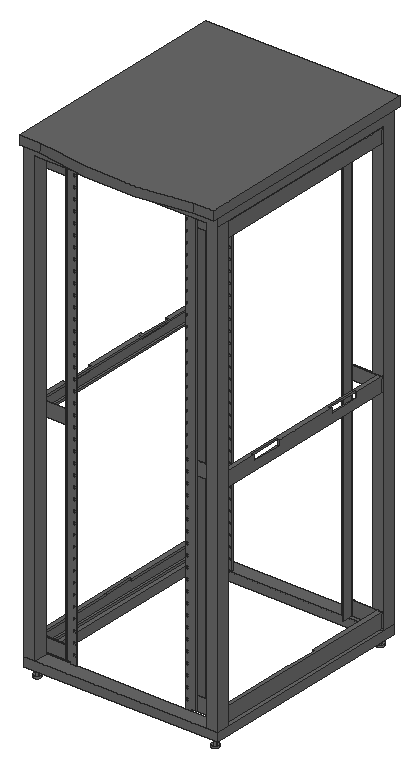
Revit family "V81A-42U-03.04.14", category Electrical Equipment, Revit 2013 (continued)
Lines and regions (mm)
  model lines
    curve 637: line (-282.89, 338.074, 2018.227) -> (-278.89, 338.074, 2018.227)
    curve 638: line (-278.89, 338.074, 2018.227) -> (-278.89, 336.074, 2018.227)
    curve 639: line (-268.89, 341.074, 2018.227) -> (-272.89, 341.074, 2018.227)
    curve 640: line (-272.89, 341.074, 2018.227) -> (-272.89, 343.074, 2018.227)
    curve 641: line (-272.89, 343.074, 2018.227) -> (-278.89, 343.074, 2018.227)
    curve 642: line (-282.89, 341.074, 2018.227) -> (-278.89, 341.074, 2018.227)
    curve 643: line (-278.89, 341.074, 2018.227) -> (-278.89, 343.074, 2018.227)
    curve 644: line (-268.89, 205.074, 2018.227) -> (-268.89, 202.074, 2018.227)
    curve 645: line (-268.89, 202.074, 2018.227) -> (-272.89, 202.074, 2018.227)
    curve 646: line (-272.89, 202.074, 2018.227) -> (-272.89, 200.074, 2018.227)
    curve 647: line (-272.89, 200.074, 2018.227) -> (-278.89, 200.074, 2018.227)
    curve 648: line (-282.89, 205.074, 2018.227) -> (-282.89, 202.074, 2018.227)
    curve 649: line (-282.89, 202.074, 2018.227) -> (-278.89, 202.074, 2018.227)
    curve 650: line (-278.89, 202.074, 2018.227) -> (-278.89, 200.074, 2018.227)
    curve 651: line (-268.89, 205.074, 2018.227) -> (-272.89, 205.074, 2018.227)
    curve 652: line (-272.89, 205.074, 2018.227) -> (-272.89, 207.074, 2018.227)
    curve 653: line (-272.89, 207.074, 2018.227) -> (-278.89, 207.074, 2018.227)
    curve 654: line (-282.89, 205.074, 2018.227) -> (-278.89, 205.074, 2018.227)
    curve 655: line (-278.89, 205.074, 2018.227) -> (-278.89, 207.074, 2018.227)
    curve 656: line (-268.89, 273.074, 2018.227) -> (-268.89, 270.074, 2018.227)
    curve 657: line (-268.89, 270.074, 2018.227) -> (-272.89, 270.074, 2018.227)
    curve 658: line (-272.89, 270.074, 2018.227) -> (-272.89, 268.074, 2018.227)
    curve 659: line (-272.89, 268.074, 2018.227) -> (-278.89, 268.074, 2018.227)
    curve 660: line (-282.89, 273.074, 2018.227) -> (-282.89, 270.074, 2018.227)
    curve 661: line (-282.89, 270.074, 2018.227) -> (-278.89, 270.074, 2018.227)
    curve 662: line (-278.89, 270.074, 2018.227) -> (-278.89, 268.074, 2018.227)
    curve 663: line (-268.89, 273.074, 2018.227) -> (-272.89, 273.074, 2018.227)
    curve 664: line (-272.89, 273.074, 2018.227) -> (-272.89, 275.074, 2018.227)
    curve 665: line (-272.89, 275.074, 2018.227) -> (-278.89, 275.074, 2018.227)
    curve 666: line (-282.89, 273.074, 2018.227) -> (-278.89, 273.074, 2018.227)
    curve 667: line (-278.89, 273.074, 2018.227) -> (-278.89, 275.074, 2018.227)
    curve 668: line (-268.89, 236.074, 2018.227) -> (-268.89, 239.074, 2018.227)
    curve 669: line (-268.89, 239.074, 2018.227) -> (-272.89, 239.074, 2018.227)
    curve 670: line (-272.89, 239.074, 2018.227) -> (-272.89, 241.074, 2018.227)
    curve 671: line (-272.89, 241.074, 2018.227) -> (-278.89, 241.074, 2018.227)
    curve 672: line (-282.89, 236.074, 2018.227) -> (-282.89, 239.074, 2018.227)
    curve 673: line (-282.89, 239.074, 2018.227) -> (-278.89, 239.074, 2018.227)
    curve 674: line (-278.89, 239.074, 2018.227) -> (-278.89, 241.074, 2018.227)
    curve 675: line (-268.89, 236.074, 2018.227) -> (-272.89, 236.074, 2018.227)
    curve 676: line (-272.89, 236.074, 2018.227) -> (-272.89, 234.074, 2018.227)
    curve 677: line (-272.89, 234.074, 2018.227) -> (-278.89, 234.074, 2018.227)
    curve 678: line (-282.89, 236.074, 2018.227) -> (-278.89, 236.074, 2018.227)
    curve 679: line (-278.89, 236.074, 2018.227) -> (-278.89, 234.074, 2018.227)
Dimensions and locks
  nested 1 to nested 2 = 806.039 mm
  cut or joined group of Extrusion 1, Extrusion 2 to cut or joined group of Extrusion 1, Extrusion 2 = 707.913 mm
  Extrusion 3 to cut or joined group of Extrusion 1, Extrusion 2 = 1870.70 mm  (x2)
  Extrusion 3 to cut or joined group of Extrusion 1, Extrusion 2 = 1901.65 mm
  Extrusion 8 to Extrusion 6 = 2016.00 mm
Nested families
  nested 1: "VersaPOD-Frame" at (100.084, 486.862, -8.583), type "VersaPOD-Frame"
  nested 2: "VersaPOD-Frame" at (100.084, 543.841, -8.583), type "VersaPOD-Frame"
  nested 3: "VersaPOD-Frame" at (102.728, 486.862, -8.583) x (-1, 0, 0) z (0, 0, 1), type "VersaPOD-Frame"
  nested 4: "VersaPOD-Frame" at (102.728, 543.86, -8.583) x (-1, 0, 0) z (0, 0, 1), type "VersaPOD-Frame"
  nested 5: "CC-new" at (-186.885, 954.94, 1878.116) x (0, 1, 0) z (-1, 0, 0), type "CC-new"
  nested 6: "CC" at (-186.852, 76.22, 932.473) x (0, -1, 0) z (-1, 0, 0), type "CC"
  nested 7: "CC-new" at (-186.918, 954.94, 84.675) x (0, 1, 0) z (-1, 0, 0), type "CC-new"
  nested 8: "CC-new" at (390.11, 954.94, 1878.096) x (0, 1, 0) z (1, 0, 0), type "CC-new"
  nested 9: "CC" at (390.133, 77.47, 932.473) x (0, -1, 0) z (1, 0, 0), type "CC"
  nested 10: "CC-new" at (390, 954.94, 84.831) x (0, 1, 0) z (1, 0, 0), type "CC-new"
Definition of nested family "VersaPOD-Frame"
  Parameters (values of type "VersaPOD-Frame")
    Material = SIEMON STEEL
    Assembly Code = ""
  Reference planes
    plane 1 "Center (Front/Back)": y = 0
    plane 2: z = 0
    plane 3 "Center (Left/Right)": x = 0
  Forms (mm)
    Extrusion 1, solid, material "SIEMON STEEL(1)"
      sketch origin (172.75, 374.529, 83.392) x (-1, 0, 0) y (0, 0, 1)
        loop
          arc (-54.5, 1865.344) -> (-54.765, 1866.195) -> (-55.467, 1866.744) r 1.497
          line (-55.467, 1866.744) -> (-76.055, 1866.744)
          arc (-76.055, 1866.744) -> (-77.079, 1866.32) -> (-77.503, 1865.296) r 1.447
          line (-77.503, 1865.296) -> (-77.503, 1859.906) -> (-97.502, 1859.906) -> (-97.502, 8.219) -> (-77.503, 8.219) -> (-77.503, 2.907)
          arc (-77.503, 2.907) -> (-77.079, 1.883) -> (-76.055, 1.459) r 1.447
          line (-76.055, 1.459) -> (-55.529, 1.459)
          arc (-55.529, 1.459) -> (-54.785, 1.99) -> (-54.5, 2.859) r 1.467
          line (-54.5, 2.859) -> (-54.5, 1865.344)
        loop
          line (-66.648, 1777.397) -> (-66.648, 1767.897) -> (-57.148, 1767.897) -> (-57.148, 1777.397) -> (-66.648, 1777.397)
        loop
          line (-66.648, 1812.297) -> (-57.148, 1812.297) -> (-57.148, 1821.797) -> (-66.648, 1821.797) -> (-66.648, 1812.297)
        loop
          line (-66.648, 1599.797) -> (-66.648, 1590.297) -> (-57.148, 1590.297) -> (-57.148, 1599.797) -> (-66.648, 1599.797)
        loop
          line (-66.648, 1634.697) -> (-57.148, 1634.697) -> (-57.148, 1644.197) -> (-66.648, 1644.197) -> (-66.648, 1634.697)
        loop
          line (-66.648, 1723.497) -> (-57.148, 1723.497) -> (-57.148, 1732.997) -> (-66.648, 1732.997) -> (-66.648, 1723.497)
        loop
          line (-66.648, 1688.597) -> (-66.648, 1679.097) -> (-57.148, 1679.097) -> (-57.148, 1688.597) -> (-66.648, 1688.597)
        loop
          line (-66.648, 1244.597) -> (-66.648, 1235.097) -> (-57.148, 1235.097) -> (-57.148, 1244.597) -> (-66.648, 1244.597)
        loop
          line (-66.648, 1279.497) -> (-57.148, 1279.497) -> (-57.148, 1288.997) -> (-66.648, 1288.997) -> (-66.648, 1279.497)
        loop
          line (-66.648, 1368.297) -> (-57.148, 1368.297) -> (-57.148, 1377.797) -> (-66.648, 1377.797) -> (-66.648, 1368.297)
        loop
          line (-66.648, 1333.397) -> (-66.648, 1323.897) -> (-57.148, 1323.897) -> (-57.148, 1333.397) -> (-66.648, 1333.397)
        loop
          line (-66.648, 1545.897) -> (-57.148, 1545.897) -> (-57.148, 1555.397) -> (-66.648, 1555.397) -> (-66.648, 1545.897)
        loop
          line (-66.648, 1510.997) -> (-66.648, 1501.497) -> (-57.148, 1501.497) -> (-57.148, 1510.997) -> (-66.648, 1510.997)
        loop
          line (-66.648, 1422.197) -> (-66.648, 1412.697) -> (-57.148, 1412.697) -> (-57.148, 1422.197) -> (-66.648, 1422.197)
        loop
          line (-66.648, 1457.097) -> (-57.148, 1457.097) -> (-57.148, 1466.597) -> (-66.648, 1466.597) -> (-66.648, 1457.097)
        loop
          line (-66.648, 534.197) -> (-66.648, 524.697) -> (-57.148, 524.697) -> (-57.148, 534.197) -> (-66.648, 534.197)
        loop
          line (-66.648, 569.097) -> (-57.148, 569.097) -> (-57.148, 578.597) -> (-66.648, 578.597) -> (-66.648, 569.097)
        loop
          line (-66.648, 657.897) -> (-57.148, 657.897) -> (-57.148, 667.397) -> (-66.648, 667.397) -> (-66.648, 657.897)
        loop
          line (-66.648, 622.997) -> (-66.648, 613.497) -> (-57.148, 613.497) -> (-57.148, 622.997) -> (-66.648, 622.997)
        loop
          line (-66.648, 835.497) -> (-57.148, 835.497) -> (-57.148, 844.997) -> (-66.648, 844.997) -> (-66.648, 835.497)
        loop
          line (-66.648, 800.597) -> (-66.648, 791.097) -> (-57.148, 791.097) -> (-57.148, 800.597) -> (-66.648, 800.597)
        loop
          line (-66.648, 711.797) -> (-66.648, 702.297) -> (-57.148, 702.297) -> (-57.148, 711.797) -> (-66.648, 711.797)
        loop
          line (-66.648, 746.697) -> (-57.148, 746.697) -> (-57.148, 756.197) -> (-66.648, 756.197) -> (-66.648, 746.697)
        loop
          line (-66.648, 1190.697) -> (-57.148, 1190.697) -> (-57.148, 1200.197) -> (-66.648, 1200.197) -> (-66.648, 1190.697)
        loop
          line (-66.648, 1155.797) -> (-66.648, 1146.297) -> (-57.148, 1146.297) -> (-57.148, 1155.797) -> (-66.648, 1155.797)
        loop
          line (-66.648, 1066.997) -> (-66.648, 1057.497) -> (-57.148, 1057.497) -> (-57.148, 1066.997) -> (-66.648, 1066.997)
        loop
          line (-66.648, 1101.897) -> (-57.148, 1101.897) -> (-57.148, 1111.397) -> (-66.648, 1111.397) -> (-66.648, 1101.897)
        loop
          line (-66.648, 889.397) -> (-66.648, 879.897) -> (-57.148, 879.897) -> (-57.148, 889.397) -> (-66.648, 889.397)
        loop
          line (-66.648, 924.297) -> (-57.148, 924.297) -> (-57.148, 933.797) -> (-66.648, 933.797) -> (-66.648, 924.297)
        loop
          line (-66.648, 1013.097) -> (-57.148, 1013.097) -> (-57.148, 1022.597) -> (-66.648, 1022.597) -> (-66.648, 1013.097)
        loop
          line (-66.648, 978.197) -> (-66.648, 968.697) -> (-57.148, 968.697) -> (-57.148, 978.197) -> (-66.648, 978.197)
        loop
          line (-66.648, 480.297) -> (-57.148, 480.297) -> (-57.148, 489.797) -> (-66.648, 489.797) -> (-66.648, 480.297)
        loop
          line (-66.648, 445.397) -> (-66.648, 435.897) -> (-57.148, 435.897) -> (-57.148, 445.397) -> (-66.648, 445.397)
        loop
          line (-66.648, 356.597) -> (-66.648, 347.097) -> (-57.148, 347.097) -> (-57.148, 356.597) -> (-66.648, 356.597)
        loop
          line (-66.648, 391.497) -> (-57.148, 391.497) -> (-57.148, 400.997) -> (-66.648, 400.997) -> (-66.648, 391.497)
        loop
          line (-66.648, 178.997) -> (-66.648, 169.497) -> (-57.148, 169.497) -> (-57.148, 178.997) -> (-66.648, 178.997)
        loop
          line (-66.648, 213.897) -> (-57.148, 213.897) -> (-57.148, 223.397) -> (-66.648, 223.397) -> (-66.648, 213.897)
        loop
          line (-66.648, 302.697) -> (-57.148, 302.697) -> (-57.148, 312.197) -> (-66.648, 312.197) -> (-66.648, 302.697)
        loop
          line (-66.648, 267.797) -> (-66.648, 258.297) -> (-57.148, 258.297) -> (-57.148, 267.797) -> (-66.648, 267.797)
        loop
          line (-66.648, 125.097) -> (-57.148, 125.097) -> (-57.148, 134.597) -> (-66.648, 134.597) -> (-66.648, 125.097)
        loop
          line (-66.648, 90.197) -> (-66.648, 80.697) -> (-57.148, 80.697) -> (-57.148, 90.197) -> (-66.648, 90.197)
        loop
          line (-66.648, 36.297) -> (-57.148, 36.297) -> (-57.148, 45.797) -> (-66.648, 45.797) -> (-66.648, 36.297)
        loop
          line (-66.648, 1853.547) -> (-57.148, 1853.547) -> (-57.148, 1863.047) -> (-66.648, 1863.047) -> (-66.648, 1853.547)
      from -2 to 0
    Extrusion 2, solid, material "SIEMON STEEL(1)"
      sketch origin (268.253, 275.026, 83.392) x (0, -1, 0) y (0, 0, 1)
        loop
          line (-97.502, 1859.906) -> (-97.502, 8.219) -> (-54.5, 8.219) -> (-54.5, 1859.906) -> (-97.502, 1859.906)
      from -2 to 0
  Lines and regions (mm)
    model lines
      curve 1: line (270.253, 332.174, 1772.269) -> (270.253, 341.674, 1772.269)
      curve 2: line (270.253, 332.174, 1762.769) -> (270.253, 332.174, 1772.269)
      curve 3: line (270.253, 341.674, 1762.769) -> (270.253, 332.174, 1762.769)
      curve 4: line (270.253, 341.674, 1772.269) -> (270.253, 341.674, 1762.769)
      curve 5: line (270.253, 332.174, 1727.988) -> (270.253, 341.674, 1727.988)
      curve 6: line (270.253, 332.174, 1718.488) -> (270.253, 332.174, 1727.988)
      curve 7: line (270.253, 341.674, 1718.488) -> (270.253, 332.174, 1718.488)
      curve 8: line (270.253, 341.674, 1727.988) -> (270.253, 341.674, 1718.488)
      curve 9: line (270.253, 332.174, 1683.588) -> (270.253, 341.674, 1683.588)
      curve 10: line (270.253, 332.174, 1674.088) -> (270.253, 332.174, 1683.588)
      curve 11: line (270.253, 341.674, 1674.088) -> (270.253, 332.174, 1674.088)
      curve 12: line (270.253, 341.674, 1683.588) -> (270.253, 341.674, 1674.088)
      curve 13: line (270.253, 332.174, 1461.827) -> (270.253, 341.674, 1461.827)
      curve 14: line (270.253, 332.174, 1452.327) -> (270.253, 332.174, 1461.827)
      curve 15: line (270.253, 341.674, 1452.327) -> (270.253, 332.174, 1452.327)
      curve 16: line (270.253, 341.674, 1461.827) -> (270.253, 341.674, 1452.327)
      curve 17: line (270.253, 332.174, 1417.547) -> (270.253, 341.674, 1417.547)
      curve 18: line (270.253, 332.174, 1408.047) -> (270.253, 332.174, 1417.547)
      curve 19: line (270.253, 341.674, 1408.047) -> (270.253, 332.174, 1408.047)
      curve 20: line (270.253, 341.674, 1417.547) -> (270.253, 341.674, 1408.047)
      curve 21: line (270.253, 332.174, 1373.147) -> (270.253, 341.674, 1373.147)
      curve 22: line (270.253, 332.174, 1363.647) -> (270.253, 332.174, 1373.147)
      curve 23: line (270.253, 341.674, 1363.647) -> (270.253, 332.174, 1363.647)
      curve 24: line (270.253, 341.674, 1373.147) -> (270.253, 341.674, 1363.647)
      curve 25: line (270.253, 332.174, 1151.505) -> (270.253, 341.674, 1151.505)
      curve 26: line (270.253, 332.174, 1142.005) -> (270.253, 332.174, 1151.505)
      curve 27: line (270.253, 341.674, 1142.005) -> (270.253, 332.174, 1142.005)
      curve 28: line (270.253, 341.674, 1151.505) -> (270.253, 341.674, 1142.005)
      curve 29: line (270.253, 332.174, 1107.224) -> (270.253, 341.674, 1107.224)
      curve 30: line (270.253, 332.174, 1097.724) -> (270.253, 332.174, 1107.224)
      curve 31: line (270.253, 341.674, 1097.724) -> (270.253, 332.174, 1097.724)
      curve 32: line (270.253, 341.674, 1107.224) -> (270.253, 341.674, 1097.724)
      curve 33: line (270.253, 332.174, 1062.824) -> (270.253, 341.674, 1062.824)
      curve 34: line (270.253, 332.174, 1053.324) -> (270.253, 332.174, 1062.824)
      curve 35: line (270.253, 341.674, 1053.324) -> (270.253, 332.174, 1053.324)
      curve 36: line (270.253, 341.674, 1062.824) -> (270.253, 341.674, 1053.324)
      curve 37: line (270.253, 332.174, 841.068) -> (270.253, 341.674, 841.068)
      curve 38: line (270.253, 332.174, 831.568) -> (270.253, 332.174, 841.068)
      curve 39: line (270.253, 341.674, 831.568) -> (270.253, 332.174, 831.568)
      curve 40: line (270.253, 341.674, 841.068) -> (270.253, 341.674, 831.568)
      curve 41: line (270.253, 332.174, 796.787) -> (270.253, 341.674, 796.787)
      curve 42: line (270.253, 332.174, 787.287) -> (270.253, 332.174, 796.787)
      curve 43: line (270.253, 341.674, 787.287) -> (270.253, 332.174, 787.287)
      curve 44: line (270.253, 341.674, 796.787) -> (270.253, 341.674, 787.287)
      curve 45: line (270.253, 332.174, 752.387) -> (270.253, 341.674, 752.387)
      curve 46: line (270.253, 332.174, 742.887) -> (270.253, 332.174, 752.387)
      curve 47: line (270.253, 341.674, 742.887) -> (270.253, 332.174, 742.887)
      curve 48: line (270.253, 341.674, 752.387) -> (270.253, 341.674, 742.887)
      curve 49: line (270.253, 332.174, 530.746) -> (270.253, 341.674, 530.746)
      curve 50: line (270.253, 332.174, 521.246) -> (270.253, 332.174, 530.746)
      curve 51: line (270.253, 341.674, 521.246) -> (270.253, 332.174, 521.246)
      curve 52: line (270.253, 341.674, 530.746) -> (270.253, 341.674, 521.246)
      curve 53: line (270.253, 332.174, 486.465) -> (270.253, 341.674, 486.465)
      curve 54: line (270.253, 332.174, 476.965) -> (270.253, 332.174, 486.465)
      curve 55: line (270.253, 341.674, 476.965) -> (270.253, 332.174, 476.965)
      curve 56: line (270.253, 341.674, 486.465) -> (270.253, 341.674, 476.965)
      curve 57: line (270.253, 332.174, 442.065) -> (270.253, 341.674, 442.065)
      curve 58: line (270.253, 332.174, 432.565) -> (270.253, 332.174, 442.065)
      curve 59: line (270.253, 341.674, 432.565) -> (270.253, 332.174, 432.565)
      curve 60: line (270.253, 341.674, 442.065) -> (270.253, 341.674, 432.565)
      curve 61: line (270.253, 332.174, 220.304) -> (270.253, 341.674, 220.304)
      curve 62: line (270.253, 332.174, 210.804) -> (270.253, 332.174, 220.304)
      curve 63: line (270.253, 341.674, 210.804) -> (270.253, 332.174, 210.804)
      curve 64: line (270.253, 341.674, 220.304) -> (270.253, 341.674, 210.804)
      curve 65: line (270.253, 332.174, 176.023) -> (270.253, 341.674, 176.023)
      curve 66: line (270.253, 332.174, 166.523) -> (270.253, 332.174, 176.023)
      curve 67: line (270.253, 341.674, 166.523) -> (270.253, 332.174, 166.523)
      curve 68: line (270.253, 341.674, 176.023) -> (270.253, 341.674, 166.523)
      curve 69: line (270.253, 332.174, 131.623) -> (270.253, 341.674, 131.623)
      curve 70: line (270.253, 332.174, 122.123) -> (270.253, 332.174, 131.623)
      curve 71: line (270.253, 341.674, 122.123) -> (270.253, 332.174, 122.123)
      curve 72: line (270.253, 341.674, 131.623) -> (270.253, 341.674, 122.123)
      curve 73: line (270.253, 332.174, 1941.818) -> (270.253, 341.674, 1941.818)
      curve 74: line (270.253, 332.174, 1932.318) -> (270.253, 332.174, 1941.818)
      curve 75: line (270.253, 341.674, 1932.318) -> (270.253, 332.174, 1932.318)
      curve 76: line (270.253, 341.674, 1941.818) -> (270.253, 341.674, 1932.318)
      curve 77: line (270.253, 332.174, 1905.23) -> (270.253, 341.674, 1905.23)
      curve 78: line (270.253, 332.174, 1895.73) -> (270.253, 332.174, 1905.23)
      curve 79: line (270.253, 341.674, 1895.73) -> (270.253, 332.174, 1895.73)
      curve 80: line (270.253, 341.674, 1905.23) -> (270.253, 341.674, 1895.73)
      curve 81: line (270.253, 332.174, 1860.95) -> (270.253, 341.674, 1860.95)
      curve 82: line (270.253, 332.174, 1851.45) -> (270.253, 332.174, 1860.95)
      curve 83: line (270.253, 341.674, 1851.45) -> (270.253, 332.174, 1851.45)
      curve 84: line (270.253, 341.674, 1860.95) -> (270.253, 341.674, 1851.45)
      curve 85: line (270.253, 332.174, 1816.55) -> (270.253, 341.674, 1816.55)
      curve 86: line (270.253, 332.174, 1807.05) -> (270.253, 332.174, 1816.55)
      curve 87: line (270.253, 341.674, 1807.05) -> (270.253, 332.174, 1807.05)
      curve 88: line (270.253, 341.674, 1816.55) -> (270.253, 341.674, 1807.05)
      curve 89: line (270.253, 332.174, 1639.308) -> (270.253, 341.674, 1639.308)
      curve 90: line (270.253, 332.174, 1629.808) -> (270.253, 332.174, 1639.308)
      curve 91: line (270.253, 341.674, 1629.808) -> (270.253, 332.174, 1629.808)
      curve 92: line (270.253, 341.674, 1639.308) -> (270.253, 341.674, 1629.808)
      curve 93: line (270.253, 332.174, 1594.908) -> (270.253, 341.674, 1594.908)
      curve 94: line (270.253, 332.174, 1585.408) -> (270.253, 332.174, 1594.908)
      curve 95: line (270.253, 341.674, 1585.408) -> (270.253, 332.174, 1585.408)
      curve 96: line (270.253, 341.674, 1594.908) -> (270.253, 341.674, 1585.408)
      curve 97: line (270.253, 332.174, 1550.627) -> (270.253, 341.674, 1550.627)
      curve 98: line (270.253, 332.174, 1541.127) -> (270.253, 332.174, 1550.627)
      curve 99: line (270.253, 341.674, 1541.127) -> (270.253, 332.174, 1541.127)
      curve 100: line (270.253, 341.674, 1550.627) -> (270.253, 341.674, 1541.127)
      curve 101: line (270.253, 332.174, 1506.227) -> (270.253, 341.674, 1506.227)
      curve 102: line (270.253, 332.174, 1496.727) -> (270.253, 332.174, 1506.227)
      curve 103: line (270.253, 341.674, 1496.727) -> (270.253, 332.174, 1496.727)
      curve 104: line (270.253, 341.674, 1506.227) -> (270.253, 341.674, 1496.727)
      curve 105: line (270.253, 332.174, 1328.866) -> (270.253, 341.674, 1328.866)
      curve 106: line (270.253, 332.174, 1319.366) -> (270.253, 332.174, 1328.866)
      curve 107: line (270.253, 341.674, 1319.366) -> (270.253, 332.174, 1319.366)
      curve 108: line (270.253, 341.674, 1328.866) -> (270.253, 341.674, 1319.366)
      curve 109: line (270.253, 332.174, 1284.466) -> (270.253, 341.674, 1284.466)
      curve 110: line (270.253, 332.174, 1274.966) -> (270.253, 332.174, 1284.466)
      curve 111: line (270.253, 341.674, 1274.966) -> (270.253, 332.174, 1274.966)
      curve 112: line (270.253, 341.674, 1284.466) -> (270.253, 341.674, 1274.966)
      curve 113: line (270.253, 332.174, 1240.185) -> (270.253, 341.674, 1240.185)
      curve 114: line (270.253, 332.174, 1230.685) -> (270.253, 332.174, 1240.185)
      curve 115: line (270.253, 341.674, 1230.685) -> (270.253, 332.174, 1230.685)
      curve 116: line (270.253, 341.674, 1240.185) -> (270.253, 341.674, 1230.685)
      curve 117: line (270.253, 332.174, 1195.785) -> (270.253, 341.674, 1195.785)
      curve 118: line (270.253, 332.174, 1186.285) -> (270.253, 332.174, 1195.785)
      curve 119: line (270.253, 341.674, 1186.285) -> (270.253, 332.174, 1186.285)
      curve 120: line (270.253, 341.674, 1195.785) -> (270.253, 341.674, 1186.285)
      curve 121: line (270.253, 332.174, 1018.543) -> (270.253, 341.674, 1018.543)
      curve 122: line (270.253, 332.174, 1009.043) -> (270.253, 332.174, 1018.543)
      curve 123: line (270.253, 341.674, 1009.043) -> (270.253, 332.174, 1009.043)
      curve 124: line (270.253, 341.674, 1018.543) -> (270.253, 341.674, 1009.043)
      curve 125: line (270.253, 332.174, 974.143) -> (270.253, 341.674, 974.143)
      curve 126: line (270.253, 332.174, 964.643) -> (270.253, 332.174, 974.143)
      curve 127: line (270.253, 341.674, 964.643) -> (270.253, 332.174, 964.643)
      curve 128: line (270.253, 341.674, 974.143) -> (270.253, 341.674, 964.643)
      curve 129: line (270.253, 332.174, 929.863) -> (270.253, 341.674, 929.863)
      curve 130: line (270.253, 332.174, 920.363) -> (270.253, 332.174, 929.863)
      curve 131: line (270.253, 341.674, 920.363) -> (270.253, 332.174, 920.363)
      curve 132: line (270.253, 341.674, 929.863) -> (270.253, 341.674, 920.363)
      curve 133: line (270.253, 332.174, 885.463) -> (270.253, 341.674, 885.463)
      curve 134: line (270.253, 332.174, 875.963) -> (270.253, 332.174, 885.463)
      curve 135: line (270.253, 341.674, 875.963) -> (270.253, 332.174, 875.963)
      curve 136: line (270.253, 341.674, 885.463) -> (270.253, 341.674, 875.963)
      curve 137: line (270.253, 332.174, 708.107) -> (270.253, 341.674, 708.107)
      curve 138: line (270.253, 332.174, 698.607) -> (270.253, 332.174, 708.107)
      curve 139: line (270.253, 341.674, 698.607) -> (270.253, 332.174, 698.607)
      curve 140: line (270.253, 341.674, 708.107) -> (270.253, 341.674, 698.607)
      curve 141: line (270.253, 332.174, 663.707) -> (270.253, 341.674, 663.707)
      curve 142: line (270.253, 332.174, 654.207) -> (270.253, 332.174, 663.707)
      curve 143: line (270.253, 341.674, 654.207) -> (270.253, 332.174, 654.207)
      curve 144: line (270.253, 341.674, 663.707) -> (270.253, 341.674, 654.207)
      curve 145: line (270.253, 332.174, 619.426) -> (270.253, 341.674, 619.426)
      curve 146: line (270.253, 332.174, 609.926) -> (270.253, 332.174, 619.426)
      curve 147: line (270.253, 341.674, 609.926) -> (270.253, 332.174, 609.926)
      curve 148: line (270.253, 341.674, 619.426) -> (270.253, 341.674, 609.926)
      curve 149: line (270.253, 332.174, 575.026) -> (270.253, 341.674, 575.026)
      curve 150: line (270.253, 332.174, 565.526) -> (270.253, 332.174, 575.026)
      curve 151: line (270.253, 341.674, 565.526) -> (270.253, 332.174, 565.526)
      curve 152: line (270.253, 341.674, 575.026) -> (270.253, 341.674, 565.526)
      curve 153: line (270.253, 332.174, 397.784) -> (270.253, 341.674, 397.784)
      curve 154: line (270.253, 332.174, 388.284) -> (270.253, 332.174, 397.784)
      curve 155: line (270.253, 341.674, 388.284) -> (270.253, 332.174, 388.284)
      curve 156: line (270.253, 341.674, 397.784) -> (270.253, 341.674, 388.284)
      curve 157: line (270.253, 332.174, 353.384) -> (270.253, 341.674, 353.384)
      curve 158: line (270.253, 332.174, 343.884) -> (270.253, 332.174, 353.384)
      curve 159: line (270.253, 341.674, 343.884) -> (270.253, 332.174, 343.884)
      curve 160: line (270.253, 341.674, 353.384) -> (270.253, 341.674, 343.884)
      curve 161: line (270.253, 332.174, 309.104) -> (270.253, 341.674, 309.104)
      curve 162: line (270.253, 332.174, 299.604) -> (270.253, 332.174, 309.104)
      curve 163: line (270.253, 341.674, 299.604) -> (270.253, 332.174, 299.604)
      curve 164: line (270.253, 341.674, 309.104) -> (270.253, 341.674, 299.604)
      curve 165: line (270.253, 332.174, 264.704) -> (270.253, 341.674, 264.704)
      curve 166: line (270.253, 332.174, 255.204) -> (270.253, 332.174, 264.704)
      curve 167: line (270.253, 341.674, 255.204) -> (270.253, 332.174, 255.204)
      curve 168: line (270.253, 341.674, 264.704) -> (270.253, 341.674, 255.204)
      curve 169: line (250.221, 374.974, 1943.296) -> (250.221, 374.974, 91.446)
  Dimensions and locks
    Extrusion 1 to Extrusion 1 = 1865.284 mm
    Extrusion 1 sketch curve to Extrusion 1 sketch curve = 1865.284 mm
Definition of nested family "CC-new"
  Parameters (values of type "CC-new")
    Default Elevation = 1219.20 mm
  Reference planes
    plane 1 "Center (Front/Back)": y = 0
    plane 2: z = 0
    plane 3 "Center (Left/Right)": x = 0
  Forms (mm)
    Extrusion 1, solid
      sketch origin (0, 0, 0) x (1, 0, 0) y (0, 1, 0)
        loop
          line (-1219.2, 1219.2) -> (-1219.2, -1219.2) -> (1219.2, -1219.2) -> (1219.2, 1219.2) -> (-1219.2, 1219.2)
      from 0 to -304.8
    Extrusion 2, solid, material "SIEMON STEEL"
      sketch origin (-341.312, 0, 0) x (0, 1, 0) y (0, 0, 1)
        loop
          line (-1.769, 105.31) -> (-1.769, 87.225) -> (4.384, 87.225) -> (4.384, 98.86) -> (50.113, 98.86) -> (50.113, 87.225) -> (56.463, 87.225) -> (56.463, 105.31) -> (-1.769, 105.31)
      from -499.089 to 304.8
    Extrusion 3, void
      sketch origin (0, 39.375, 0) x (1, 0, 0) y (0, 1, 0)
        loop
          line (-371.933, 10.738) -> (-371.933, 17.084) -> (-503.314, 17.084) -> (-503.314, 10.738) -> (-371.933, 10.738)
      from 87.225 to 92.572
    Extrusion 4, solid, material "SIEMON STEEL"
      sketch origin (0, 0, 0) x (0, 1, 0) y (0, 0, 1)
        loop
          line (-1.769, 105.31) -> (-1.769, -21.985) -> (56.463, -21.985) -> (56.463, 105.31) -> (-1.769, 105.31)
      from -36.513 to -38.674
    Extrusion 5, solid, material "SIEMON STEEL"
      sketch origin (-876.914, 0, 0) x (0, 1, 0) y (0, 0, -1)
        loop
          line (-1.769, -105.31) -> (56.463, -105.31) -> (56.463, 21.985) -> (-1.769, 21.985) -> (-1.769, -105.31)
      from -36.513 to -38.319
  Cuts and joins
    Extrusion 3 cuts Extrusion 2
  Lines and regions (mm)
    model lines
      curve 1: circle (-35, 42.213, 20.705) r 3 normal (1, 0, 0)
      curve 2: circle (-35, 12.481, 20.705) r 3 normal (-1, 0, 0)
      curve 3: circle (-841.914, 42.213, 20.705) r 3 normal (1, 0, 0)
      curve 4: circle (-841.914, 12.481, 20.705) r 3 normal (-1, 0, 0)
  Dimensions and locks
    Extrusion 3 sketch curve to cut or joined group of Extrusion 2, Extrusion 3 = 335.42 mm
    cut or joined group of Extrusion 2, Extrusion 3 to Extrusion 3 sketch curve = 337.087 mm
    aligned and locked: plane 2 to Extrusion 1
    aligned and locked: level to Extrusion 1
Definition of nested family "CC"
  Parameters (values of type "CC")
    Default Elevation = 1219.20 mm
  Reference planes
    plane 1 "Center (Front/Back)": y = 0
    plane 2: z = 0
    plane 3 "Center (Left/Right)": x = 0
  Forms (mm)
    Extrusion 1, solid
      sketch origin (0, 0, 0) x (1, 0, 0) y (0, 1, 0)
        loop
          line (-1219.2, 1219.2) -> (-1219.2, -1219.2) -> (1219.2, -1219.2) -> (1219.2, 1219.2) -> (-1219.2, 1219.2)
      from 0 to -304.8
    Extrusion 2, solid, material "SIEMON STEEL"
      sketch origin (-341.312, 0, 0) x (0, 1, 0) y (0, 0, 1)
        loop
          line (22.606, 105.31) -> (22.606, 87.225) -> (28.759, 87.225) -> (28.759, 98.86) -> (74.488, 98.86) -> (74.488, 87.225) -> (80.838, 87.225) -> (80.838, 105.31) -> (22.606, 105.31)
      from -499.089 to 304.8
    Extrusion 3, void
      sketch origin (0, 0, 0) x (1, 0, 0) y (0, 1, 0)
        loop
          line (-177.308, 57.606) -> (-177.308, 80.838) -> (-308.689, 80.838) -> (-308.689, 57.606) -> (-177.308, 57.606)
        loop
          line (-577.136, 57.714) -> (-577.136, 80.838) -> (-708.869, 80.838) -> (-708.869, 57.714) -> (-577.136, 57.714)
      from 94.663 to 105.31
    Extrusion 4, solid, material "SIEMON STEEL"
      sketch origin (0, 0, 0.039) x (0, 1, 0) y (0, 0, 1)
        loop
          line (80.838, 105.265) -> (22.606, 105.265) -> (22.606, -22.025) -> (80.838, -22.025) -> (80.838, 105.265)
      from -36.513 to -38.285
    Extrusion 5, solid, material "SIEMON STEEL"
      sketch origin (-876.919, 0, 0.039) x (0, 1, 0) y (0, 0, -1)
        loop
          line (80.838, -105.271) -> (80.838, 22.025) -> (22.606, 22.025) -> (22.606, -105.271) -> (80.838, -105.271)
      from -36.513 to -38.285
  Cuts and joins
    Extrusion 3 cuts Extrusion 2
  Lines and regions (mm)
    model lines
      curve 1: circle (-35, 66.588, 20.84) r 3 normal (1, 0, 0)
      curve 2: circle (-35, 36.856, 20.84) r 3 normal (-1, 0, 0)
      curve 3: circle (-841.914, 66.588, 20.84) r 3 normal (1, 0, 0)
      curve 4: circle (-841.914, 36.856, 20.84) r 3 normal (-1, 0, 0)
  Dimensions and locks
    cut or joined group of Extrusion 2, Extrusion 3 to cut or joined group of Extrusion 2, Extrusion 3 = 58.232 mm
    aligned and locked: plane 2 to Extrusion 1
    aligned and locked: level to Extrusion 1
